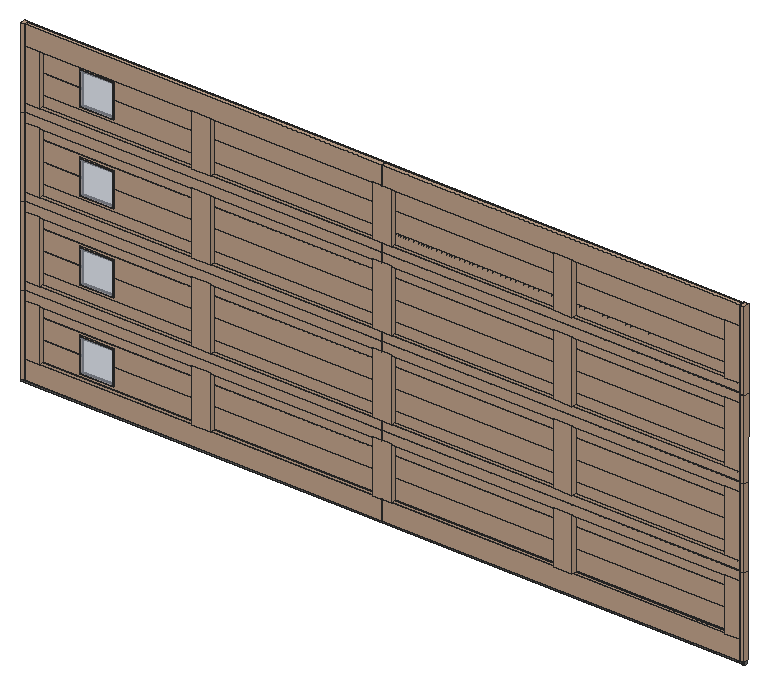
Revit family "GDBL 4V HOR NO15 RH", category Doors, host Wall, Revit 2024
Family settings
  Host = Wall
  OmniClass Number = 23.30.10.00
  OmniClass Title = Doors
  Always vertical = Yes
  Cut with Voids When Loaded = No
  Shared = No
  Room Calculation Point = No
Parameters
  Wall Opening [instance] = 4880 mm
  Function = Interior
  Frame Projection Ext. = 25 mm
  Frame Projection Int. = 25 mm
  Frame Width = 75 mm
  Height = 2135 mm
  Wall Closure = By host
  Width = 4880 mm
Reference planes
  plane 1: y = 0
  plane 2 "Center (Left/Right)": x = 0
  plane 3: z = 2135
  plane 4 "Exterior": y = 75
  plane 5 "Interior": y = -75
  plane 6 "Garage Bottom": y = 75
  plane 7 "Garage Left": x = 2470
  plane 8 "Garage Right": x = -2470
  plane 9: z = 19.954
  plane 10 "Garage Top": z = 2195.86
Forms (mm)
  Extrusion 1, solid, material "VERSAWOOD (TEST 2)"
    sketch origin (0, -46, 2189.314) x (0, -1, 0) y (0, 0, 1)
      loop
        line (75, -2169.454) -> (105, -2169.454) -> (105, -2039.454) -> (100, -2039.454) -> (100, -2054.454) -> (90, -2054.454) -> (80, -2054.454) -> (80, -2039.454) -> (75, -2039.454) -> (75, -2169.454)
    from -2440 to 0
  Extrusion 2, solid, material "VERSAWOOD (TEST 2)"
    sketch origin (0, -46, 2189.314) x (0, -1, 0) y (0, 0, -1)
      loop
        line (75, 2169.454) -> (75, 2039.454) -> (80, 2039.454) -> (80, 2054.454) -> (90, 2054.454) -> (100, 2054.454) -> (100, 2039.454) -> (105, 2039.454) -> (105, 2169.454) -> (75, 2169.454)
    from -2440 to 0
  Extrusion 3, solid, material "Rubber"
    sketch origin (0, -35, -0.049) x (0, 1, 0) y (0, 0, -1)
      loop
        line (-111, -19.909) -> (-91, -19.909) -> (-91, -16.909) -> (-96, -16.909) -> (-96, -14.004)
        spline (-96, -14.004) -> (-92.808, -11.809) -> (-91.152, -8.808) -> (-91.341, -5.562) -> (-93.34, -2.681) -> (-96.774, -0.703) -> (-101, 0) -> (-105.226, -0.703) -> (-108.66, -2.681) -> (-110.659, -5.562) -> (-110.848, -8.808) -> (-109.192, -11.809) -> (-106, -14.004)
        line (-106, -14.004) -> (-106, -16.909) -> (-111, -16.909) -> (-111, -19.909)
      loop
        line (-98, -16.909) -> (-98, -14.633)
        arc (-98, -14.633) -> (-101, -15.009) -> (-104, -14.633) r 12.129
        line (-104, -14.633) -> (-104, -16.909) -> (-98, -16.909)
      loop
        spline (-101, -1.513) -> (-103.071, -1.717) -> (-105, -2.316) -> (-106.657, -3.268) -> (-107.928, -4.509) -> (-108.727, -5.954) -> (-109, -7.505) -> (-108.727, -9.055) -> (-107.928, -10.501) -> (-106.657, -11.742) -> (-105, -12.694) -> (-103.071, -13.292) -> (-101, -13.496)
        spline (-101, -13.496) -> (-98.929, -13.292) -> (-97, -12.694) -> (-95.343, -11.742) -> (-94.072, -10.501) -> (-93.273, -9.055) -> (-93, -7.505) -> (-93.273, -5.954) -> (-94.072, -4.509) -> (-95.343, -3.268) -> (-97, -2.316) -> (-98.929, -1.717) -> (-101, -1.513)
    from -2470 to 2470
  Extrusion 4, solid, material "VERSAWOOD (TEST 2)"
    sketch origin (0, -46, 26.406) x (0, -1, 0) y (0, 0, 1)
      loop
        line (75, 2169.454) -> (75, 2039.454) -> (80, 2039.454) -> (80, 2054.454) -> (90, 2054.454) -> (100, 2054.454) -> (100, 2039.454) -> (105, 2039.454) -> (105, 2169.454) -> (75, 2169.454)
    from -2440 to 0
  Extrusion 5, solid, material "VERSAWOOD (TEST 2)"
    sketch origin (-3700, -46, 26.406) x (0, -1, 0) y (0, 0, 1)
      loop
        line (75, 2169.454) -> (75, 2039.454) -> (80, 2039.454) -> (80, 2054.454) -> (90, 2054.454) -> (100, 2054.454) -> (100, 2039.454) -> (105, 2039.454) -> (105, 2169.454) -> (75, 2169.454)
    from -3700 to -1260
  Extrusion 6, solid, material "VERSAWOOD (TEST 2)"
    sketch origin (0, -46, -42.597) x (0, -1, 0) y (0, 0, 1)
      loop
        line (80, 1743.957) -> (80, 1758.957) -> (75, 1758.957) -> (75, 1694.957) -> (89.127, 1694.957) -> (101.279, 1702.468)
        arc (101.279, 1702.468) -> (102.106, 1702.832) -> (103, 1702.957) r 3.273
        line (103, 1702.957) -> (105, 1702.957) -> (105, 1758.957) -> (100, 1758.957) -> (100, 1743.957) -> (80, 1743.957)
      loop
        line (80, 1652.957) -> (100, 1652.957) -> (100, 1637.957) -> (105, 1637.957) -> (105, 1701.957) -> (103, 1701.957)
        arc (103, 1701.957) -> (102.379, 1701.87) -> (101.805, 1701.617) r 2.273
        line (101.805, 1701.617) -> (89.961, 1694.296)
        arc (89.961, 1694.296) -> (89.387, 1694.043) -> (88.766, 1693.957) r 2.273
        line (88.766, 1693.957) -> (75, 1693.957) -> (75, 1637.957) -> (80, 1637.957) -> (80, 1652.957)
    from -2440 to 0
  Extrusion 7, solid, material "VERSAWOOD (TEST 2)"
    sketch origin (-3700, -46, -42.597) x (0, -1, 0) y (0, 0, 1)
      loop
        line (80, 1743.957) -> (80, 1758.957) -> (75, 1758.957) -> (75, 1694.957) -> (89.127, 1694.957) -> (101.279, 1702.468)
        arc (101.279, 1702.468) -> (102.106, 1702.832) -> (103, 1702.957) r 3.273
        line (103, 1702.957) -> (105, 1702.957) -> (105, 1758.957) -> (100, 1758.957) -> (100, 1743.957) -> (80, 1743.957)
      loop
        line (80, 1652.957) -> (100, 1652.957) -> (100, 1637.957) -> (105, 1637.957) -> (105, 1701.957) -> (103, 1701.957)
        arc (103, 1701.957) -> (102.379, 1701.87) -> (101.805, 1701.617) r 2.273
        line (101.805, 1701.617) -> (89.961, 1694.296)
        arc (89.961, 1694.296) -> (89.387, 1694.043) -> (88.766, 1693.957) r 2.273
        line (88.766, 1693.957) -> (75, 1693.957) -> (75, 1637.957) -> (80, 1637.957) -> (80, 1652.957)
    from -3700 to -1260
  Extrusion 8, solid, material "VERSAWOOD (TEST 2)"
    sketch origin (0, -46, -586.597) x (0, -1, 0) y (0, 0, 1)
      loop
        line (80, 1743.957) -> (80, 1758.957) -> (75, 1758.957) -> (75, 1694.957) -> (89.127, 1694.957) -> (101.279, 1702.468)
        arc (101.279, 1702.468) -> (102.106, 1702.832) -> (103, 1702.957) r 3.273
        line (103, 1702.957) -> (105, 1702.957) -> (105, 1758.957) -> (100, 1758.957) -> (100, 1743.957) -> (80, 1743.957)
      loop
        line (80, 1652.957) -> (100, 1652.957) -> (100, 1637.957) -> (105, 1637.957) -> (105, 1701.957) -> (103, 1701.957)
        arc (103, 1701.957) -> (102.379, 1701.87) -> (101.805, 1701.617) r 2.273
        line (101.805, 1701.617) -> (89.961, 1694.296)
        arc (89.961, 1694.296) -> (89.387, 1694.043) -> (88.766, 1693.957) r 2.273
        line (88.766, 1693.957) -> (75, 1693.957) -> (75, 1637.957) -> (80, 1637.957) -> (80, 1652.957)
    from -2440 to 0
  Extrusion 9, solid, material "VERSAWOOD (TEST 2)"
    sketch origin (-3700, -46, -1130.597) x (0, -1, 0) y (0, 0, 1)
      loop
        line (80, 1743.957) -> (80, 1758.957) -> (75, 1758.957) -> (75, 1694.957) -> (89.127, 1694.957) -> (101.279, 1702.468)
        arc (101.279, 1702.468) -> (102.106, 1702.832) -> (103, 1702.957) r 3.273
        line (103, 1702.957) -> (105, 1702.957) -> (105, 1758.957) -> (100, 1758.957) -> (100, 1743.957) -> (80, 1743.957)
      loop
        line (80, 1652.957) -> (100, 1652.957) -> (100, 1637.957) -> (105, 1637.957) -> (105, 1701.957) -> (103, 1701.957)
        arc (103, 1701.957) -> (102.379, 1701.87) -> (101.805, 1701.617) r 2.273
        line (101.805, 1701.617) -> (89.961, 1694.296)
        arc (89.961, 1694.296) -> (89.387, 1694.043) -> (88.766, 1693.957) r 2.273
        line (88.766, 1693.957) -> (75, 1693.957) -> (75, 1637.957) -> (80, 1637.957) -> (80, 1652.957)
    from -3700 to -1260
  Extrusion 10, solid, material "VERSAWOOD (TEST 2)"
    sketch origin (0, -46, -1130.597) x (0, -1, 0) y (0, 0, 1)
      loop
        line (80, 1743.957) -> (80, 1758.957) -> (75, 1758.957) -> (75, 1694.957) -> (89.127, 1694.957) -> (101.279, 1702.468)
        arc (101.279, 1702.468) -> (102.106, 1702.832) -> (103, 1702.957) r 3.273
        line (103, 1702.957) -> (105, 1702.957) -> (105, 1758.957) -> (100, 1758.957) -> (100, 1743.957) -> (80, 1743.957)
      loop
        line (80, 1652.957) -> (100, 1652.957) -> (100, 1637.957) -> (105, 1637.957) -> (105, 1701.957) -> (103, 1701.957)
        arc (103, 1701.957) -> (102.379, 1701.87) -> (101.805, 1701.617) r 2.273
        line (101.805, 1701.617) -> (89.961, 1694.296)
        arc (89.961, 1694.296) -> (89.387, 1694.043) -> (88.766, 1693.957) r 2.273
        line (88.766, 1693.957) -> (75, 1693.957) -> (75, 1637.957) -> (80, 1637.957) -> (80, 1652.957)
    from -2440 to 0
  Extrusion 11, solid, material "VERSAWOOD (TEST 2)"
    sketch origin (-3700, -46, -586.597) x (0, -1, 0) y (0, 0, 1)
      loop
        line (80, 1743.957) -> (80, 1758.957) -> (75, 1758.957) -> (75, 1694.957) -> (89.127, 1694.957) -> (101.279, 1702.468)
        arc (101.279, 1702.468) -> (102.106, 1702.832) -> (103, 1702.957) r 3.273
        line (103, 1702.957) -> (105, 1702.957) -> (105, 1758.957) -> (100, 1758.957) -> (100, 1743.957) -> (80, 1743.957)
      loop
        line (80, 1652.957) -> (100, 1652.957) -> (100, 1637.957) -> (105, 1637.957) -> (105, 1701.957) -> (103, 1701.957)
        arc (103, 1701.957) -> (102.379, 1701.87) -> (101.805, 1701.617) r 2.273
        line (101.805, 1701.617) -> (89.961, 1694.296)
        arc (89.961, 1694.296) -> (89.387, 1694.043) -> (88.766, 1693.957) r 2.273
        line (88.766, 1693.957) -> (75, 1693.957) -> (75, 1637.957) -> (80, 1637.957) -> (80, 1652.957)
    from -3700 to -1260
  Extrusion 12, solid, material "VERSAWOOD (TEST)"
    sketch origin (-2744.172, 254, 423.86) x (0, 1, 0) y (1, 0, 0)
      loop
        line (-375, 304.172) -> (-375, 404.172) -> (-405, 404.172) -> (-405, 304.172) -> (-375, 304.172)
      loop
        line (-375, 5184.172) -> (-405, 5184.172) -> (-405, 5084.172) -> (-375, 5084.172) -> (-375, 5184.172)
      loop
        line (-375, 1446.672) -> (-375, 1571.672) -> (-405, 1571.672) -> (-405, 1446.672) -> (-375, 1446.672)
      loop
        line (-375, 2681.672) -> (-375, 2806.672) -> (-405, 2806.672) -> (-405, 2681.672) -> (-375, 2681.672)
      loop
        line (-375, 3916.672) -> (-375, 4041.672) -> (-405, 4041.672) -> (-405, 3916.672) -> (-375, 3916.672)
    from -83.5 to 274
  Extrusion 13, solid, material "VERSAWOOD (TEST 2)"
    sketch origin (2470, -115, 19.86) x (-1, 0, 0) y (0, 0, -1)
      loop
        line (4910, -2176) -> (4940, -2176) -> (4940, -1632) -> (4910, -1632) -> (4910, -2176)
      loop
        line (30, -2176) -> (30, -1632) -> (0, -1632) -> (0, -2176) -> (30, -2176)
    from 0 to 36
  Extrusion 14, solid, material "VERSAWOOD (TEST 2)"
    sketch origin (2470, -115, -524.14) x (-1, 0, 0) y (0, 0, -1)
      loop
        line (4910, -2176) -> (4940, -2176) -> (4940, -1632) -> (4910, -1632) -> (4910, -2176)
      loop
        line (30, -2176) -> (30, -1632) -> (0, -1632) -> (0, -2176) -> (30, -2176)
    from 0 to 36
  Extrusion 15, solid, material "VERSAWOOD (TEST 2)"
    sketch origin (2470, -115, -1068.14) x (-1, 0, 0) y (0, 0, -1)
      loop
        line (4910, -2176) -> (4940, -2176) -> (4940, -1632) -> (4910, -1632) -> (4910, -2176)
      loop
        line (30, -2176) -> (30, -1632) -> (0, -1632) -> (0, -2176) -> (30, -2176)
    from 0 to 36
  Extrusion 16, solid, material "VERSAWOOD (TEST 2)"
    sketch origin (2470, -115, -1612.14) x (-1, 0, 0) y (0, 0, -1)
      loop
        line (4910, -2176) -> (4940, -2176) -> (4940, -1632) -> (4910, -1632) -> (4910, -2176)
      loop
        line (30, -2176) -> (30, -1632) -> (0, -1632) -> (0, -2176) -> (30, -2176)
    from 0 to 36
  Extrusion 17, solid, material "VERSAWOOD (TEST)"
    sketch origin (-2744.172, 254, 904.36) x (0, 1, 0) y (1, 0, 0)
      loop
        line (-375, 304.172) -> (-375, 404.172) -> (-405, 404.172) -> (-405, 304.172) -> (-375, 304.172)
      loop
        line (-375, 5184.172) -> (-405, 5184.172) -> (-405, 5084.172) -> (-375, 5084.172) -> (-375, 5184.172)
      loop
        line (-375, 1446.672) -> (-375, 1571.672) -> (-405, 1571.672) -> (-405, 1446.672) -> (-375, 1446.672)
      loop
        line (-375, 2681.672) -> (-375, 2806.672) -> (-405, 2806.672) -> (-405, 2681.672) -> (-375, 2681.672)
      loop
        line (-375, 3916.672) -> (-375, 4041.672) -> (-405, 4041.672) -> (-405, 3916.672) -> (-375, 3916.672)
    from -147 to 276
  Extrusion 18, solid, material "VERSAWOOD (TEST)"
    sketch origin (-2744.172, 254, 1448.36) x (0, 1, 0) y (1, 0, 0)
      loop
        line (-375, 304.172) -> (-375, 404.172) -> (-405, 404.172) -> (-405, 304.172) -> (-375, 304.172)
      loop
        line (-375, 5184.172) -> (-405, 5184.172) -> (-405, 5084.172) -> (-375, 5084.172) -> (-375, 5184.172)
      loop
        line (-375, 1446.672) -> (-375, 1571.672) -> (-405, 1571.672) -> (-405, 1446.672) -> (-375, 1446.672)
      loop
        line (-375, 2681.672) -> (-375, 2806.672) -> (-405, 2806.672) -> (-405, 2681.672) -> (-375, 2681.672)
      loop
        line (-375, 3916.672) -> (-375, 4041.672) -> (-405, 4041.672) -> (-405, 3916.672) -> (-375, 3916.672)
    from -147 to 276
  Extrusion 19, solid, material "VERSAWOOD (TEST)"
    sketch origin (-2744.172, 254, 1992.36) x (0, 1, 0) y (1, 0, 0)
      loop
        line (-375, 304.172) -> (-375, 404.172) -> (-405, 404.172) -> (-405, 304.172) -> (-375, 304.172)
      loop
        line (-375, 5184.172) -> (-405, 5184.172) -> (-405, 5084.172) -> (-375, 5084.172) -> (-375, 5184.172)
      loop
        line (-375, 1446.672) -> (-375, 1571.672) -> (-405, 1571.672) -> (-405, 1446.672) -> (-375, 1446.672)
      loop
        line (-375, 2681.672) -> (-375, 2806.672) -> (-405, 2806.672) -> (-405, 2681.672) -> (-375, 2681.672)
      loop
        line (-375, 3916.672) -> (-375, 4041.672) -> (-405, 4041.672) -> (-405, 3916.672) -> (-375, 3916.672)
    from -73.5 to 276
  Sweep 20, solid, material "VERSAWOOD (TEST 2)"
    path origin (217.5, -46, 65.86) x (-1, 0, 0) y (0, 0, -1)
      loop
        line (2305.5, -1972) -> (2305.5, -1737) -> (2070.5, -1737) -> (2070.5, -1972) -> (2305.5, -1972)
    profile origin (-1970.5, -46, 2037.86) x (0, 0, 1) y (0, -1, 0)
      loop
        line (0, 69) -> (0, 75) -> (-10, 75) -> (-10, 59) -> (10, 59) -> (10, 69) -> (0, 69)
  Sweep 21, solid, material "VERSAWOOD (TEST 2)"
    path origin (-2470, -46, 19.86) x (1, 0, 0) y (0, 0, 1)
      loop
        line (682, 2083) -> (317, 2083) -> (317, 1718) -> (682, 1718) -> (682, 2083)
    profile origin (-1970.5, -46, 2102.86) x (0, 0, -1) y (0, -1, 0)
      loop
        line (0, 69) -> (-20, 69) -> (-20, 59) -> (0, 59) -> (0, 69)
  Sweep 22, solid, material "ALUMINIUM BLACK (TEST)"
    path origin (-2470, -46, 19.86) x (1, 0, 0) y (0, 0, 1)
      loop
        line (682, 2083) -> (317, 2083) -> (317, 1718) -> (682, 1718) -> (682, 2083)
    profile origin (-1970.5, -46, 2102.86) x (0, 0, -1) y (0, -1, 0)
      loop
        line (0, 64) -> (55, 64) -> (55, 66) -> (0, 66) -> (0, 64)
  Sweep 23, solid, material "VERSAWOOD (TEST 2)"
    path origin (217.5, -46, -478.14) x (-1, 0, 0) y (0, 0, -1)
      loop
        line (2305.5, -1972) -> (2305.5, -1737) -> (2070.5, -1737) -> (2070.5, -1972) -> (2305.5, -1972)
    profile origin (-1970.5, -46, 1493.86) x (0, 0, 1) y (0, -1, 0)
      loop
        line (0, 69) -> (0, 75) -> (-10, 75) -> (-10, 59) -> (10, 59) -> (10, 69) -> (0, 69)
  Sweep 24, solid, material "VERSAWOOD (TEST 2)"
    path origin (-2470, -46, -524.14) x (1, 0, 0) y (0, 0, 1)
      loop
        line (682, 2083) -> (317, 2083) -> (317, 1718) -> (682, 1718) -> (682, 2083)
    profile origin (-1970.5, -46, 1558.86) x (0, 0, -1) y (0, -1, 0)
      loop
        line (0, 69) -> (-20, 69) -> (-20, 59) -> (0, 59) -> (0, 69)
  Sweep 25, solid, material "ALUMINIUM BLACK (TEST)"
    path origin (-2470, -46, -524.14) x (1, 0, 0) y (0, 0, 1)
      loop
        line (682, 2083) -> (317, 2083) -> (317, 1718) -> (682, 1718) -> (682, 2083)
    profile origin (-1970.5, -46, 1558.86) x (0, 0, -1) y (0, -1, 0)
      loop
        line (0, 64) -> (55, 64) -> (55, 66) -> (0, 66) -> (0, 64)
  Sweep 26, solid, material "VERSAWOOD (TEST 2)"
    path origin (217.5, -46, -1022.14) x (-1, 0, 0) y (0, 0, -1)
      loop
        line (2305.5, -1972) -> (2305.5, -1737) -> (2070.5, -1737) -> (2070.5, -1972) -> (2305.5, -1972)
    profile origin (-1970.5, -46, 949.86) x (0, 0, 1) y (0, -1, 0)
      loop
        line (0, 69) -> (0, 75) -> (-10, 75) -> (-10, 59) -> (10, 59) -> (10, 69) -> (0, 69)
  Sweep 27, solid, material "VERSAWOOD (TEST 2)"
    path origin (-2470, -46, -1068.14) x (1, 0, 0) y (0, 0, 1)
      loop
        line (682, 2083) -> (317, 2083) -> (317, 1718) -> (682, 1718) -> (682, 2083)
    profile origin (-1970.5, -46, 1014.86) x (0, 0, -1) y (0, -1, 0)
      loop
        line (0, 69) -> (-20, 69) -> (-20, 59) -> (0, 59) -> (0, 69)
  Sweep 28, solid, material "ALUMINIUM BLACK (TEST)"
    path origin (-2470, -46, -1068.14) x (1, 0, 0) y (0, 0, 1)
      loop
        line (682, 2083) -> (317, 2083) -> (317, 1718) -> (682, 1718) -> (682, 2083)
    profile origin (-1970.5, -46, 1014.86) x (0, 0, -1) y (0, -1, 0)
      loop
        line (0, 64) -> (55, 64) -> (55, 66) -> (0, 66) -> (0, 64)
  Sweep 29, solid, material "VERSAWOOD (TEST 2)"
    path origin (217.5, -46, -1566.14) x (-1, 0, 0) y (0, 0, -1)
      loop
        line (2305.5, -1972) -> (2305.5, -1737) -> (2070.5, -1737) -> (2070.5, -1972) -> (2305.5, -1972)
    profile origin (-1970.5, -46, 405.86) x (0, 0, 1) y (0, -1, 0)
      loop
        line (0, 69) -> (0, 75) -> (-10, 75) -> (-10, 59) -> (10, 59) -> (10, 69) -> (0, 69)
  Sweep 30, solid, material "VERSAWOOD (TEST 2)"
    path origin (-2470, -46, -1612.14) x (1, 0, 0) y (0, 0, 1)
      loop
        line (682, 2083) -> (317, 2083) -> (317, 1718) -> (682, 1718) -> (682, 2083)
    profile origin (-1970.5, -46, 470.86) x (0, 0, -1) y (0, -1, 0)
      loop
        line (0, 69) -> (-20, 69) -> (-20, 59) -> (0, 59) -> (0, 69)
  Sweep 31, solid, material "ALUMINIUM BLACK (TEST)"
    path origin (-2470, -46, -1612.14) x (1, 0, 0) y (0, 0, 1)
      loop
        line (682, 2083) -> (317, 2083) -> (317, 1718) -> (682, 1718) -> (682, 2083)
    profile origin (-1970.5, -46, 470.86) x (0, 0, -1) y (0, -1, 0)
      loop
        line (0, 64) -> (55, 64) -> (55, 66) -> (0, 66) -> (0, 64)
  Extrusion 32, solid, material "VERSAWOOD (TEST 2)"
    sketch origin (2470, -46, 1651.86) x (0, 1, 0) y (0, 0, -1)
      loop
        line (-75, -408) -> (-75, -544) -> (-73, -544) -> (-73, -536) -> (-69, -536) -> (-69, -408) -> (-75, -408)
    from 30 to 2468
  Extrusion 33, void
    sketch origin (-2470, -46, 19.86) x (0, 1, 0) y (0, 0, 1)
      loop
        line (-69, 2008) -> (-75, 2008) -> (-75, 1793) -> (-69, 1793) -> (-69, 2008)
      loop
        line (-69, 1464) -> (-75, 1464) -> (-75, 1249) -> (-69, 1249) -> (-69, 1464)
      loop
        line (-69, 920) -> (-75, 920) -> (-75, 705) -> (-69, 705) -> (-69, 920)
      loop
        line (-69, 376) -> (-75, 376) -> (-75, 161) -> (-69, 161) -> (-69, 376)
    from 392 to 607
  Extrusion 34, solid, material "VERSAWOOD (TEST 3 )"
    sketch origin (2470, -46, 1515.86) x (0, 1, 0) y (0, 0, -1)
      loop
        line (-75, -408) -> (-75, -544) -> (-73, -544) -> (-73, -536) -> (-69, -536) -> (-69, -408) -> (-75, -408)
    from 30 to 2468
  Extrusion 35, solid, material "VERSAWOOD (TEST 2)"
    sketch origin (2470, -46, 1379.86) x (0, 1, 0) y (0, 0, -1)
      loop
        line (-75, -408) -> (-75, -544) -> (-73, -544) -> (-73, -536) -> (-69, -536) -> (-69, -408) -> (-75, -408)
    from 30 to 2468
  Extrusion 36, solid, material "VERSAWOOD (TEST 3 )"
    sketch origin (2470, -46, 1243.86) x (0, 1, 0) y (0, 0, -1)
      loop
        line (-75, -408) -> (-75, -544) -> (-73, -544) -> (-73, -536) -> (-69, -536) -> (-69, -408) -> (-75, -408)
    from 30 to 2468
  Extrusion 37, solid, material "VERSAWOOD (TEST 2)"
    sketch origin (2470, -46, 1107.86) x (0, 1, 0) y (0, 0, -1)
      loop
        line (-75, -408) -> (-75, -544) -> (-73, -544) -> (-73, -536) -> (-69, -536) -> (-69, -408) -> (-75, -408)
    from 30 to 2468
  Extrusion 38, solid, material "VERSAWOOD (TEST 3 )"
    sketch origin (2470, -46, 971.86) x (0, 1, 0) y (0, 0, -1)
      loop
        line (-75, -408) -> (-75, -544) -> (-73, -544) -> (-73, -536) -> (-69, -536) -> (-69, -408) -> (-75, -408)
    from 30 to 2468
  Extrusion 39, solid, material "VERSAWOOD (TEST 2)"
    sketch origin (2470, -46, 835.86) x (0, 1, 0) y (0, 0, -1)
      loop
        line (-75, -408) -> (-75, -544) -> (-73, -544) -> (-73, -536) -> (-69, -536) -> (-69, -408) -> (-75, -408)
    from 30 to 2468
  Extrusion 40, solid, material "VERSAWOOD (TEST 3 )"
    sketch origin (2470, -46, 699.86) x (0, 1, 0) y (0, 0, -1)
      loop
        line (-75, -408) -> (-75, -544) -> (-73, -544) -> (-73, -536) -> (-69, -536) -> (-69, -408) -> (-75, -408)
    from 30 to 2468
  Extrusion 41, solid, material "VERSAWOOD (TEST 2)"
    sketch origin (2470, -46, 563.86) x (0, 1, 0) y (0, 0, -1)
      loop
        line (-75, -408) -> (-75, -544) -> (-73, -544) -> (-73, -536) -> (-69, -536) -> (-69, -408) -> (-75, -408)
    from 30 to 2468
  Extrusion 42, solid, material "VERSAWOOD (TEST 3 )"
    sketch origin (2470, -46, 427.86) x (0, 1, 0) y (0, 0, -1)
      loop
        line (-75, -408) -> (-75, -544) -> (-73, -544) -> (-73, -536) -> (-69, -536) -> (-69, -408) -> (-75, -408)
    from 30 to 2468
  Extrusion 43, solid, material "VERSAWOOD (TEST 2)"
    sketch origin (2470, -46, 291.86) x (0, 1, 0) y (0, 0, -1)
      loop
        line (-75, -408) -> (-75, -544) -> (-73, -544) -> (-73, -536) -> (-69, -536) -> (-69, -408) -> (-75, -408)
    from 30 to 2468
  Extrusion 44, solid, material "VERSAWOOD (TEST 3 )"
    sketch origin (2470, -46, 155.86) x (0, 1, 0) y (0, 0, -1)
      loop
        line (-75, -408) -> (-75, -544) -> (-73, -544) -> (-73, -536) -> (-69, -536) -> (-69, -408) -> (-75, -408)
    from 30 to 2468
  Extrusion 45, solid, material "VERSAWOOD (TEST 2)"
    sketch origin (2470, -46, 19.86) x (0, 1, 0) y (0, 0, -1)
      loop
        line (-75, -408) -> (-75, -544) -> (-73, -544) -> (-73, -536) -> (-69, -536) -> (-69, -408) -> (-75, -408)
    from 30 to 2468
  Extrusion 46, solid, material "VERSAWOOD (TEST 3 )"
    sketch origin (2470, -46, -116.14) x (0, 1, 0) y (0, 0, -1)
      loop
        line (-75, -408) -> (-75, -544) -> (-73, -544) -> (-73, -536) -> (-69, -536) -> (-69, -408) -> (-75, -408)
    from 30 to 2468
  Extrusion 47, solid, material "VERSAWOOD (TEST 2)"
    sketch origin (2470, -46, -252.14) x (0, 1, 0) y (0, 0, -1)
      loop
        line (-75, -408) -> (-75, -544) -> (-73, -544) -> (-73, -536) -> (-69, -536) -> (-69, -408) -> (-75, -408)
    from 30 to 2468
  Extrusion 48, solid, material "VERSAWOOD (TEST 3 )"
    sketch origin (2470, -46, -388.14) x (0, 1, 0) y (0, 0, -1)
      loop
        line (-75, -408) -> (-75, -544) -> (-73, -544) -> (-73, -536) -> (-69, -536) -> (-69, -408) -> (-75, -408)
    from 30 to 2468
  Extrusion 49, solid, material "VERSAWOOD (TEST 2)"
    sketch origin (-2470, -46, 1651.86) x (0, 1, 0) y (0, 0, 1)
      loop
        line (-75, 408) -> (-69, 408) -> (-69, 536) -> (-73, 536) -> (-73, 544) -> (-75, 544) -> (-75, 408)
    from 30 to 2468
  Extrusion 50, solid, material "VERSAWOOD (TEST 3 )"
    sketch origin (-2470, -46, 1515.86) x (0, 1, 0) y (0, 0, 1)
      loop
        line (-75, 408) -> (-69, 408) -> (-69, 536) -> (-73, 536) -> (-73, 544) -> (-75, 544) -> (-75, 408)
    from 30 to 2468
  Extrusion 51, solid, material "VERSAWOOD (TEST 2)"
    sketch origin (-2470, -46, 1379.86) x (0, 1, 0) y (0, 0, 1)
      loop
        line (-75, 408) -> (-69, 408) -> (-69, 536) -> (-73, 536) -> (-73, 544) -> (-75, 544) -> (-75, 408)
    from 30 to 2468
  Extrusion 52, solid, material "VERSAWOOD (TEST 3 )"
    sketch origin (-2470, -46, 1243.86) x (0, 1, 0) y (0, 0, 1)
      loop
        line (-75, 408) -> (-69, 408) -> (-69, 536) -> (-73, 536) -> (-73, 544) -> (-75, 544) -> (-75, 408)
    from 30 to 2468
  Extrusion 53, solid, material "VERSAWOOD (TEST 2)"
    sketch origin (-2470, -46, 1107.86) x (0, 1, 0) y (0, 0, 1)
      loop
        line (-75, 408) -> (-69, 408) -> (-69, 536) -> (-73, 536) -> (-73, 544) -> (-75, 544) -> (-75, 408)
    from 30 to 2468
  Extrusion 54, solid, material "VERSAWOOD (TEST 3 )"
    sketch origin (-2470, -46, 971.86) x (0, 1, 0) y (0, 0, 1)
      loop
        line (-75, 408) -> (-69, 408) -> (-69, 536) -> (-73, 536) -> (-73, 544) -> (-75, 544) -> (-75, 408)
    from 30 to 2468
  Extrusion 55, solid, material "VERSAWOOD (TEST 2)"
    sketch origin (-2470, -46, 835.86) x (0, 1, 0) y (0, 0, 1)
      loop
        line (-75, 408) -> (-69, 408) -> (-69, 536) -> (-73, 536) -> (-73, 544) -> (-75, 544) -> (-75, 408)
    from 30 to 2468
  Extrusion 56, solid, material "VERSAWOOD (TEST 3 )"
    sketch origin (-2470, -46, 699.86) x (0, 1, 0) y (0, 0, 1)
      loop
        line (-75, 408) -> (-69, 408) -> (-69, 536) -> (-73, 536) -> (-73, 544) -> (-75, 544) -> (-75, 408)
    from 30 to 2468
  Extrusion 57, solid, material "VERSAWOOD (TEST 2)"
    sketch origin (-2470, -46, 563.86) x (0, 1, 0) y (0, 0, 1)
      loop
        line (-75, 408) -> (-69, 408) -> (-69, 536) -> (-73, 536) -> (-73, 544) -> (-75, 544) -> (-75, 408)
    from 30 to 2468
  Extrusion 58, solid, material "VERSAWOOD (TEST 3 )"
    sketch origin (-2470, -46, 427.86) x (0, 1, 0) y (0, 0, 1)
      loop
        line (-75, 408) -> (-69, 408) -> (-69, 536) -> (-73, 536) -> (-73, 544) -> (-75, 544) -> (-75, 408)
    from 30 to 2468
  Extrusion 59, solid, material "VERSAWOOD (TEST 2)"
    sketch origin (-2470, -46, 291.86) x (0, 1, 0) y (0, 0, 1)
      loop
        line (-75, 408) -> (-69, 408) -> (-69, 536) -> (-73, 536) -> (-73, 544) -> (-75, 544) -> (-75, 408)
    from 30 to 2468
  Extrusion 60, solid, material "VERSAWOOD (TEST 3 )"
    sketch origin (-2470, -46, 155.86) x (0, 1, 0) y (0, 0, 1)
      loop
        line (-75, 408) -> (-69, 408) -> (-69, 536) -> (-73, 536) -> (-73, 544) -> (-75, 544) -> (-75, 408)
    from 30 to 2468
  Extrusion 61, solid, material "VERSAWOOD (TEST 2)"
    sketch origin (-2470, -46, 19.86) x (0, 1, 0) y (0, 0, 1)
      loop
        line (-75, 408) -> (-69, 408) -> (-69, 536) -> (-73, 536) -> (-73, 544) -> (-75, 544) -> (-75, 408)
    from 30 to 2468
  Extrusion 62, solid, material "VERSAWOOD (TEST 3 )"
    sketch origin (-2470, -46, -116.14) x (0, 1, 0) y (0, 0, 1)
      loop
        line (-75, 408) -> (-69, 408) -> (-69, 536) -> (-73, 536) -> (-73, 544) -> (-75, 544) -> (-75, 408)
    from 30 to 2468
  Extrusion 63, solid, material "VERSAWOOD (TEST 2)"
    sketch origin (-2470, -46, -252.14) x (0, 1, 0) y (0, 0, 1)
      loop
        line (-75, 408) -> (-69, 408) -> (-69, 536) -> (-73, 536) -> (-73, 544) -> (-75, 544) -> (-75, 408)
    from 30 to 2468
  Extrusion 64, solid, material "VERSAWOOD (TEST 3 )"
    sketch origin (-2470, -46, -388.14) x (0, 1, 0) y (0, 0, 1)
      loop
        line (-75, 408) -> (-69, 408) -> (-69, 536) -> (-73, 536) -> (-73, 544) -> (-75, 544) -> (-75, 408)
    from 30 to 2468
  Extrusion 65, solid, material "COOL GREY GLASS"
    sketch origin (-1630, -46, 19.86) x (0, 1, 0) y (0, 0, 1)
      loop
        line (-75, 2015) -> (-81, 2015) -> (-81, 1785) -> (-75, 1785) -> (-75, 2015)
    from -453.454 to -226.424
  Extrusion 66, solid, material "COOL GREY GLASS"
    sketch origin (-1630, -46, -524.14) x (0, 1, 0) y (0, 0, 1)
      loop
        line (-75, 2015) -> (-81, 2015) -> (-81, 1785) -> (-75, 1785) -> (-75, 2015)
    from -453.454 to -226.424
  Extrusion 67, solid, material "COOL GREY GLASS"
    sketch origin (-1630, -46, -1068.14) x (0, 1, 0) y (0, 0, 1)
      loop
        line (-75, 2015) -> (-81, 2015) -> (-81, 1785) -> (-75, 1785) -> (-75, 2015)
    from -453.454 to -226.424
  Extrusion 68, solid, material "COOL GREY GLASS"
    sketch origin (-1630, -46, -1612.14) x (0, 1, 0) y (0, 0, 1)
      loop
        line (-75, 2015) -> (-81, 2015) -> (-81, 1785) -> (-75, 1785) -> (-75, 2015)
    from -453.454 to -226.424
Cuts and joins
  Extrusion 33 cuts Sweep 20
  Extrusion 33 cuts Sweep 23
  Extrusion 33 cuts Sweep 26
  Extrusion 33 cuts Sweep 29
  Extrusion 33 cuts Extrusion 50
  Extrusion 33 cuts Extrusion 51
  Extrusion 33 cuts Extrusion 54
  Extrusion 33 cuts Extrusion 55
  Extrusion 33 cuts Extrusion 58
  Extrusion 33 cuts Extrusion 59
  Extrusion 33 cuts Extrusion 62
  Extrusion 33 cuts Extrusion 63
  Extrusion 33 cuts Extrusion 65
  Extrusion 33 cuts Extrusion 66
  Extrusion 33 cuts Extrusion 67
  Extrusion 33 cuts Extrusion 68
Lines and regions (mm)
  Opening 1
    outline origin (-5000, -75, 0) x (1, 0, 0) y (0, 0, 1)
      loop
        line (7440, 0) -> (7440, 2135) -> (2560, 2135) -> (2560, 0) -> (7440, 0)
  symbolic lines, style "Elevation Swing"
    curve 1: line (-2470, -105, 1694) -> (-2470, -2275, 1694)
    curve 2: line (-2470, -2275, 1694) -> (2470, -2275, 1694)
    curve 3: line (2470, -2275, 1694) -> (2470, -105, 1694)
Text (mm)
  text "Exterior" at (-2295.016, 1099.543, 0), in view "Ref. Level"
  text "Exterior" at (0, 1615.38, 3698.081), in view "Left"
  text "Exterior" at (0, 1036.032, 3874.932), in view "Right"
Dimensions and locks
  host wall to plane 3 = 2135 mm
  locked: plane 4 "Exterior" to host wall
  locked: plane 5 "Interior" to host wall
  plane 8 "Garage Right" to plane 7 "Garage Left" = 4940 mm  (x2)
  plane 3 to level = 2135 mm
  plane 10 "Garage Top" to plane 9 = 2175.906 mm
  plane 9 to plane 10 "Garage Top" = 2175.906 mm
  Extrusion 34 to cut or joined group of Extrusion 33, Extrusion 50 = 4880 mm
  aligned and locked: host wall to plane 1
